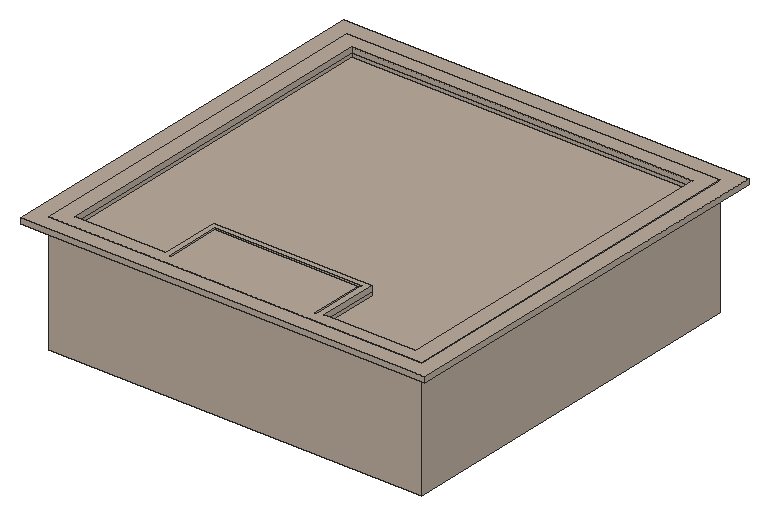
Revit family "Geräteeinsätze GES_Geräteeinsatz_GES4_mit_Griffbügel", category Generic Models, Revit 2015
Parameters (values of type "GES2 U 1019")
  Width 2 = 200 mm
  Width = 217 mm
  URL = "http://www.obo-bettermann.com"
  Snur width = 77 mm
  Material = Plastic RAL 1019
  Manufacturer Art. No. = "7405204"
  Manufacturer = "OBO Bettermann"
  Height = 61 mm
  GTIN = "4012195102601"
  Article Type = "GES4 U 1019"
Types (4, lengths in mm): name | Material | Manufacturer Art. No. | GTIN | Article Type
  (no name) | Plastic RAL 1019 | "7405204" | "4012195102601" | "GES4 U 1019"
  GES4 U 9011 | Plastic RAL 9011 | "74052000" | "4012195102595" | "GES4 U 9011"
  GES4 U 7011 | Plastic RAL 7011 | "7405196" | "4012195102182\r\n4012195102588" | "GES4 U 7011"
  GES2 U 1019 | Plastic RAL 1019 | "7405204" | "4012195102601" | "GES4 U 1019"
Reference planes
  plane 1 "Center (Front/Back)": y = 0
  plane 2: z = 0
  plane 3 "Center (Left/Right)": x = 0
  plane 4: z = -61
  plane 5: x = -108.5
  plane 6: x = 108.5
  plane 7: y = 108.5
  plane 8: y = -108.5
  plane 9: z = 3
  plane 10: y = 100
  plane 11: y = -100
  plane 12: x = -100
  plane 13: x = 100
  plane 14: y = -61.5
  plane 15: y = 92.5
  plane 16: x = -91.5
  plane 17: x = 91.5
  plane 18: z = -2
  plane 19: x = -77
  plane 20: x = 77
  plane 21: y = -83
  plane 22: y = 83
  plane 23: z = -9
  plane 24: x = -38.5
  plane 25: x = 38.5
  plane 26: y = -65.877
  plane 27: x = -39.5
  plane 28: y = -64.5
  plane 29: x = 39.5
  plane 30: y = -94.5
  plane 31: x = -42.5
  plane 32: x = 42.5
  plane 33: y = -93.5
Forms (mm)
  Extrusion 1, solid, material "Plastic RAL 1019" <- "Material"
    sketch origin (0, 0, 0) x (1, 0, 0) y (0, 1, 0)
      loop
        line (-108.5, 108.5) -> (-108.5, -108.5) -> (108.5, -108.5) -> (108.5, 108.5) -> (-108.5, 108.5)
    from 3 to 0
  Extrusion 2, solid, material "Plastic RAL 1019" <- "Material"
    sketch origin (0, 0, 0) x (1, 0, 0) y (0, 1, 0)
      loop
        line (-100, 100) -> (-100, -100) -> (100, -100) -> (100, 100) -> (-100, 100)
    from -61 to 3
  Extrusion 3, void
    sketch origin (0, 0, 0) x (1, 0, 0) y (0, 1, 0)
      loop
        line (77, 83) -> (-77, 83) -> (-77, -83) -> (77, -83) -> (77, 83)
    from -61 to -9
  Extrusion 4, void
    sketch origin (0, 0, 0) x (1, 0, 0) y (0, 1, 0)
      loop
        line (-39.5, -64.5) -> (-39.5, -94.5) -> (-38.5, -94.5) -> (-38.5, -65.877) -> (38.5, -65.877) -> (38.5, -94.5) -> (39.5, -94.5) -> (39.5, -64.5) -> (-39.5, -64.5)
    from -9 to 3
  Extrusion 5, void
    sketch origin (0, 0, 0) x (1, 0, 0) y (0, 1, 0)
      loop
        line (-91.5, 92.5) -> (-91.5, -93.5) -> (-42.5, -93.5) -> (-42.5, -61.5) -> (42.5, -61.5) -> (42.5, -93.5) -> (91.5, -93.5) -> (91.5, 92.5) -> (-91.5, 92.5)
    from -2 to 3
Cuts and joins
  Extrusion 3, Extrusion 4, Extrusion 5 cuts Extrusion 1
  Extrusion 3, Extrusion 4, Extrusion 5 cuts Extrusion 2
Lines and regions (mm)
  model lines
    curve 1: line (-108.5, -108.5, 0) -> (-108.5, 108.5, 0)
    curve 2: line (-108.5, 108.5, 0) -> (108.5, 108.5, 0)
    curve 3: line (108.5, 108.5, 0) -> (108.5, -108.5, 0)
    curve 4: line (108.5, -108.5, 0) -> (-108.5, -108.5, 0)
    curve 5: line (-100, 100, 0) -> (100, 100, 0)
    curve 6: line (100, 100, 0) -> (100, -100, 0)
    curve 7: line (100, -100, 0) -> (-100, -100, 0)
    curve 8: line (-100, -100, 0) -> (-100, 100, 0)
    curve 9: line (-91.5, 92.5, 0) -> (91.5, 92.5, 0)
    curve 10: line (91.5, 92.5, 0) -> (91.5, -93.5, 0)
    curve 11: line (42.5, -61.5, 0) -> (-42.5, -61.5, 0)
    curve 12: line (-91.5, -93.5, 0) -> (-91.5, 92.5, 0)
    curve 13: line (-77, 83, 0) -> (-77, -83, 0)
    curve 14: line (-77, -83, 0) -> (77, -83, 0)
    curve 15: line (77, -83, 0) -> (77, 83, 0)
    curve 16: line (77, 83, 0) -> (-77, 83, 0)
    curve 17: line (-38.5, -94.5, 0) -> (-38.5, -65.877, 0)
    curve 18: line (-38.5, -65.877, 0) -> (38.5, -65.877, 0)
    curve 19: line (38.5, -65.877, 0) -> (38.5, -94.5, 0)
    curve 20: line (39.5, -94.5, 0) -> (39.5, -64.5, 0)
    curve 21: line (39.5, -64.5, 0) -> (-39.5, -64.5, 0)
    curve 22: line (-39.5, -64.5, 0) -> (-39.5, -94.5, 0)
    curve 23: line (-39.5, -94.5, 0) -> (-38.5, -94.5, 0)
    curve 24: line (38.5, -94.5, 0) -> (39.5, -94.5, 0)
    curve 25: line (-42.5, -61.5, 0) -> (-42.5, -93.5, 0)
    curve 26: line (-91.5, -93.5, 0) -> (-42.5, -93.5, 0)
    curve 27: line (42.5, -93.5, 0) -> (42.5, -61.5, 0)
    curve 28: line (91.5, -93.5, 0) -> (42.5, -93.5, 0)
Dimensions and locks
  "Height": plane 4 to level
  locked: level to plane 9 at 3
  locked: plane 18 to plane 9 at 5
  locked: plane 23 to plane 9 at 12
  equal spacing: plane 5, plane 3 "Center (Left/Right)", plane 6
  "Width": plane 5 to plane 6
  equal spacing: plane 7, plane 1 "Center (Front/Back)", plane 8
  "Width": plane 7 to plane 8
  equal spacing: plane 12, plane 3 "Center (Left/Right)", plane 13
  "Width 2": plane 12 to plane 13
  equal spacing: plane 10, plane 1 "Center (Front/Back)", plane 11
  "Width 2": plane 10 to plane 11
  locked: plane 12 to plane 19 at 23
  locked: plane 20 to plane 13 at 23
  locked: plane 21 to plane 11 at 17
  locked: plane 10 to plane 22 at 17
  locked: plane 7 to plane 15 at 16
  locked: plane 14 to plane 8 at 47
  locked: plane 17 to plane 6 at 17
  locked: plane 5 to plane 16 at 17
  "Snur width": plane 24 to plane 25
  equal spacing: plane 24, plane 3 "Center (Left/Right)", plane 25
  locked: plane 27 to plane 24 at 1
  locked: plane 25 to plane 29 at 1
  locked: plane 28 to plane 26 at 1.377
  locked: plane 14 to plane 28 at 3
  locked: plane 28 to plane 30 at 30
  locked: plane 8 to plane 33 at 15
  locked: plane 31 to plane 27 at 3
  locked: plane 29 to plane 32 at 3
  aligned and locked: level to plane 2
  aligned and locked: plane 5 to curve 1
  aligned and locked: curve 2 to plane 7
  aligned and locked: curve 3 to plane 6
  aligned and locked: plane 8 to curve 4
  aligned and locked: Extrusion 1 sketch curve to curve 2
  aligned and locked: Extrusion 1 sketch curve to curve 3
  aligned and locked: Extrusion 1 sketch curve to curve 4
  aligned and locked: Extrusion 1 sketch curve to curve 1
  aligned and locked: Extrusion 1 to plane 9
  aligned and locked: level to Extrusion 1
  aligned and locked: curve 5 to plane 10
  aligned and locked: curve 6 to plane 13
  aligned and locked: plane 11 to curve 7
  aligned and locked: plane 12 to curve 8
  aligned and locked: Extrusion 2 sketch curve to curve 5
  aligned and locked: Extrusion 2 sketch curve to curve 8
  aligned and locked: Extrusion 2 sketch curve to curve 6
  aligned and locked: Extrusion 2 sketch curve to curve 7
  aligned and locked: Extrusion 2 to plane 4
  aligned and locked: plane 9 to Extrusion 2
  aligned and locked: curve 9 to plane 15
  aligned and locked: curve 10 to plane 17
  aligned and locked: plane 14 to curve 11
  aligned and locked: plane 16 to curve 12
  aligned and locked: curve 13 to plane 19
  aligned and locked: curve 14 to plane 21
  aligned and locked: plane 20 to curve 15
  aligned and locked: plane 22 to curve 16
  aligned and locked: Extrusion 3 sketch curve to curve 16
  aligned and locked: Extrusion 3 sketch curve to curve 13
  aligned and locked: Extrusion 3 sketch curve to curve 14
  aligned and locked: Extrusion 3 sketch curve to curve 15
  aligned and locked: Extrusion 3 to plane 4
  aligned and locked: plane 23 to Extrusion 3
  aligned and locked: curve 17 to plane 24
  aligned and locked: curve 18 to plane 26
  aligned and locked: curve 19 to plane 25
  aligned and locked: plane 29 to curve 20
  aligned and locked: curve 21 to plane 28
  aligned and locked: curve 22 to plane 27
  aligned and locked: curve 23 to plane 30
  aligned and locked: plane 30 to curve 24
  aligned and locked: Extrusion 4 sketch curve to curve 22
  aligned and locked: Extrusion 4 sketch curve to curve 17
  aligned and locked: Extrusion 4 sketch curve to curve 23
  aligned and locked: Extrusion 4 sketch curve to curve 18
  aligned and locked: Extrusion 4 sketch curve to curve 21
  aligned and locked: Extrusion 4 sketch curve to curve 19
  aligned and locked: Extrusion 4 sketch curve to curve 20
  aligned and locked: Extrusion 4 sketch curve to curve 24
  aligned and locked: Extrusion 4 to cut or joined group of Extrusion 2, Extrusion 3, Extrusion 4, Extrusion 5
  aligned and locked: plane 9 to Extrusion 4
  aligned and locked: plane 32 to curve 27
  aligned and locked: curve 25 to plane 31
  aligned and locked: curve 26 to curve 10
  aligned and locked: curve 28 to plane 33
  aligned and locked: Extrusion 5 sketch curve to curve 12
  aligned and locked: Extrusion 5 sketch curve to curve 26
  aligned and locked: Extrusion 5 sketch curve to curve 25
  aligned and locked: Extrusion 5 sketch curve to curve 11
  aligned and locked: Extrusion 5 sketch curve to curve 27
  aligned and locked: Extrusion 5 sketch curve to curve 28
  aligned and locked: Extrusion 5 sketch curve to curve 10
  aligned and locked: Extrusion 5 sketch curve to curve 9
  aligned and locked: Extrusion 5 to plane 18
  aligned and locked: plane 9 to Extrusion 5
Automatic sketch dimensions
  Extrusion 4 sketch curve to plane 27 = 0 mm
  curve 14 to plane 19 = 0 mm
